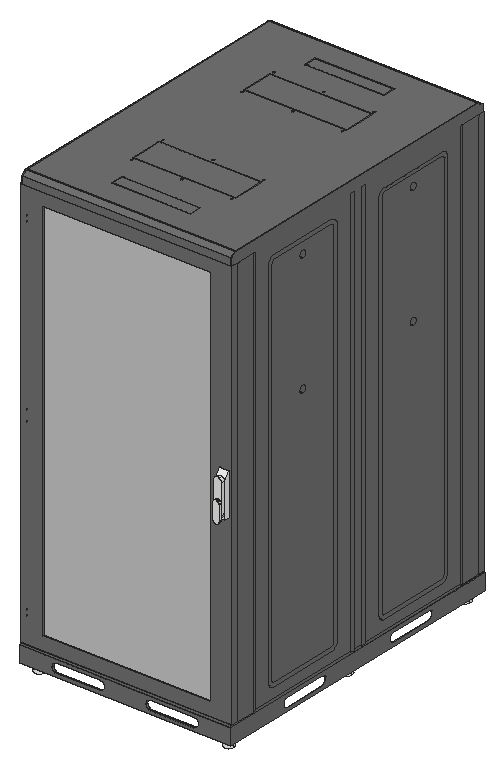
Revit family "800х1200", category Обобщенные модели, Revit 2019
Family settings
  Может служить основой для арматурных стержней = Нет
  Размер круглого соединителя = Использовать диаметр
  Тип детали = Нормальный
  На основе рабочей плоскости = Нет
  Всегда вертикально = Да
  При загрузке вырезать с полостями = Нет
  Общий = Нет
  Точка расчета площади = Нет
Parameters (values of type "ШТ-НП-С-33U-800-1200-ПП-Ч")
  Смещение от пола [instance] = 500 mm
  Описание = "Шкаф телекоммуникационный напольный серверный 19&quot;. 33U(800x1200) . ШТ-НП-С-33U-800-1200-ПП-Ч передняя перф. задняя перф. черн."
  Ноль = 0 mm  # constant formula
  Не двустворчатая дверь = not(Двустворчатая дверь)  # yes
  Материал крепежей = Металл черный
  Материал колес и ручек = Металл белый
  Материал каркаса = Металл черный
  Двустворчатая дверь = no
  Высота окна [instance] = ADSK_Размер_Высота - 40 mm - 62 mm - 7 mm + Ноль  # 1558 mm
  ADSK_Этаж [instance] = ""
  ADSK_Размер_Ширина [instance] = 800 mm  # constant formula
  ADSK_Размер_Глубина [instance] = 1200 mm  # constant formula
  ADSK_Размер_Высота = 1667 mm
  ADSK_Примечание [instance] = ""
  ADSK_Предел огнестойкости = ""
  ADSK_Позиция [instance] = ""
  ADSK_Обозначение = ""
  ADSK_Наименование краткое = "ШТ-НП-С-33U-800-1200-ПП-Ч"
  ADSK_Наименование = "Шкаф телекоммуникационный напольный серверный 19&quot;. 33U(800x1200) . ШТ-НП-С-33U-800-1200-ПП-Ч передняя перф. задняя перф. черн."
  ADSK_Масса_Текст = "122.0"
  ADSK_Марка [instance] = "ШТ-НП-С-33U-800-1200-ПП-Ч"
  ADSK_Количество [instance] = 1  # constant formula
  ADSK_Код изделия = "130411-01382"
  ADSK_Зона = ""
  ADSK_Завод-изготовитель = "АО СВЯЗЬСТРОЙДЕТАЛЬ"  # constant formula
  ADSK_Единица измерения = "шт"  # constant formula
  ADSK_URL страницы изделия = "https://www.ssd.ru/shkaf-telekommunikatsionnyy-napolnyy-servernyy-19-quot-33u-800x1200-sht-np-s-33u-800-1200-pp-ch-pere"
  ADSK_URL документации изделия = ""
Reference planes
  plane 1 "тттт": y = 0
  plane 2: z = 0
  plane 3 "УУУУ": x = 0
  plane 4: y = 600
  plane 5: y = -600
  plane 6: x = -400
  plane 7: x = 400
  plane 8: z = 500
  plane 9: x = -398
  plane 10: x = -396
  plane 11: x = 398
  plane 12: x = 396
  plane 13: z = 530
  plane 14: z = 592
  plane 15: z = 599
  plane 16: z = 2157
  plane 17: z = 2197
  plane 18: x = -360
  plane 19: y = -560
  plane 20: x = 360
  plane 21: y = -560
  plane 22: x = -360
  plane 23: y = 560
  plane 24: x = 360
  plane 25: y = 560
  plane 26: z = 520
  plane 27: z = 510
  plane 28: y = -555
  plane 29: y = 555
  plane 30: y = 575
  plane 31: y = -575
  plane 32: z = 2195
  plane 33: y = 575
  plane 34: z = 2127
  plane 35: z = 629
  plane 36: y = -545
  plane 37: y = 545
  plane 38: z = 1378
  plane 39: y = -595
  plane 40: y = 595
  plane 41: z = 2183
Forms (mm)
  Extrusion 1, void, not visible, detail levels fine
    sketch origin (-20, 0, 0) x (1, 0, 0) y (0, 0, 1)
      loop
        arc (-281.999, 290) -> (-261.999, 270) -> (-241.999, 290) r 20
        line (-241.999, 290) -> (-241.999, 370)
        arc (-241.999, 370) -> (-261.999, 390) -> (-281.999, 370) r 20
        line (-281.999, 370) -> (-281.999, 290)
    from 90 to 190
  Extrusion 2, void, not visible
    sketch origin (-20, 0, 225) x (1, 0, 0) y (0, 0, 1)
      loop
        circle (-261.999, 215) r 6.5
    from 90 to 190
  Extrusion 3, void, not visible, detail levels fine
    sketch origin (20, 0, 0) x (-1, 0, 0) y (0, 0, -1)
      loop
        line (-281.999, -290) -> (-281.999, -370)
        arc (-281.999, -370) -> (-261.999, -390) -> (-241.999, -370) r 20
        line (-241.999, -370) -> (-241.999, -290)
        arc (-241.999, -290) -> (-261.999, -270) -> (-281.999, -290) r 20
    from 90 to 190
  Extrusion 4, void, not visible
    sketch origin (20, 0, 225) x (-1, 0, 0) y (0, 0, -1)
      loop
        circle (-261.999, -215) r 6.5
    from 90 to 190
  Extrusion 5, void, not visible
    sketch origin (0, 0, 220) x (0, 1, 0) y (0, 0, 1)
      loop
        circle (-102, 220) r 3.036
      loop
        circle (-172.959, 220) r 3.036
      loop
        circle (-122, 237) r 3.036
      loop
        circle (-157.959, 237) r 3.036
      loop
        circle (-121.964, 203) r 3.036
      loop
        circle (-158.036, 203) r 3.036
      loop
        arc (-162.48, 75) -> (-137.48, 50) -> (-112.48, 75) r 25
        line (-112.48, 75) -> (-112.48, 145)
        arc (-112.48, 145) -> (-137.48, 170) -> (-162.48, 145) r 25
        line (-162.48, 145) -> (-162.48, 75)
    from -312 to 312
  Extrusion 6, solid, material "Металл черный" <- "Материал каркаса", detail levels medium+fine
    sketch origin (0, 0, 0) x (1, 0, 0) y (0, 0, 1)
      loop
        line (-398, 592) -> (-398, 530) -> (398, 530) -> (398, 592) -> (-398, 592)
      loop
        arc (-278, 561) -> (-272.728, 548.272) -> (-260, 543) r 18
        line (-260, 543) -> (-96, 543)
        arc (-96, 543) -> (-83.272, 548.272) -> (-78, 561) r 18
        arc (-78, 561) -> (-83.272, 573.728) -> (-96, 579) r 18
        line (-96, 579) -> (-260, 579)
        arc (-260, 579) -> (-272.728, 573.728) -> (-278, 561) r 18
      loop
        arc (278, 561) -> (272.728, 573.728) -> (260, 579) r 18
        line (260, 579) -> (96, 579)
        arc (96, 579) -> (83.272, 573.728) -> (78, 561) r 18
        arc (78, 561) -> (83.272, 548.272) -> (96, 543) r 18
        line (96, 543) -> (260, 543)
        arc (260, 543) -> (272.728, 548.272) -> (278, 561) r 18
    from 595 to 600
  Extrusion 7, solid, material "Металл черный" <- "Материал каркаса", detail levels medium+fine
    sketch origin (0, 0, 0) x (1, 0, 0) y (0, 0, 1)
      loop
        line (-398, 592) -> (-398, 530) -> (398, 530) -> (398, 592) -> (-398, 592)
      loop
        arc (-277, 561) -> (-271.728, 548.272) -> (-259, 543) r 18
        line (-259, 543) -> (-95, 543)
        arc (-95, 543) -> (-82.272, 548.272) -> (-77, 561) r 18
        arc (-77, 561) -> (-82.272, 573.728) -> (-95, 579) r 18
        line (-95, 579) -> (-259, 579)
        arc (-259, 579) -> (-271.728, 573.728) -> (-277, 561) r 18
      loop
        arc (277, 561) -> (271.728, 573.728) -> (259, 579) r 18
        line (259, 579) -> (95, 579)
        arc (95, 579) -> (82.272, 573.728) -> (77, 561) r 18
        arc (77, 561) -> (82.272, 548.272) -> (95, 543) r 18
        line (95, 543) -> (259, 543)
        arc (259, 543) -> (271.728, 548.272) -> (277, 561) r 18
    from -600 to -595
  Extrusion 8, solid, material "Металл черный" <- "Материал каркаса", detail levels medium+fine
    sketch origin (0, 0, 0) x (0, 1, 0) y (0, 0, 1)
      loop
        line (-600, 592) -> (-600, 530) -> (600, 530) -> (600, 592) -> (-600, 592)
      loop
        arc (-352, 561) -> (-346.728, 548.272) -> (-334, 543) r 18
        line (-334, 543) -> (-170, 543)
        arc (-170, 543) -> (-157.272, 548.272) -> (-152, 561) r 18
        arc (-152, 561) -> (-157.272, 573.728) -> (-170, 579) r 18
        line (-170, 579) -> (-334, 579)
        arc (-334, 579) -> (-346.728, 573.728) -> (-352, 561) r 18
      loop
        arc (352, 561) -> (346.728, 573.728) -> (334, 579) r 18
        line (334, 579) -> (170, 579)
        arc (170, 579) -> (157.272, 573.728) -> (152, 561) r 18
        arc (152, 561) -> (157.272, 548.272) -> (170, 543) r 18
        line (170, 543) -> (334, 543)
        arc (334, 543) -> (346.728, 548.272) -> (352, 561) r 18
    from 398 to 400
  Extrusion 9, solid, material "Металл черный" <- "Материал каркаса", detail levels medium+fine
    sketch origin (0, 0, 0) x (0, 1, 0) y (0, 0, 1)
      loop
        line (-600, 592) -> (-600, 530) -> (600, 530) -> (600, 592) -> (-600, 592)
      loop
        arc (-352, 561) -> (-346.728, 548.272) -> (-334, 543) r 18
        line (-334, 543) -> (-170, 543)
        arc (-170, 543) -> (-157.272, 548.272) -> (-152, 561) r 18
        arc (-152, 561) -> (-157.272, 573.728) -> (-170, 579) r 18
        line (-170, 579) -> (-334, 579)
        arc (-334, 579) -> (-346.728, 573.728) -> (-352, 561) r 18
      loop
        arc (352, 561) -> (346.728, 573.728) -> (334, 579) r 18
        line (334, 579) -> (170, 579)
        arc (170, 579) -> (157.272, 573.728) -> (152, 561) r 18
        arc (152, 561) -> (157.272, 548.272) -> (170, 543) r 18
        line (170, 543) -> (334, 543)
        arc (334, 543) -> (346.728, 548.272) -> (352, 561) r 18
    from -400 to -398
  Extrusion 10, solid, material "Металл черный" <- "Материал каркаса", detail levels medium+fine
    sketch origin (0, 0, 0) x (1, 0, 0) y (0, 1, 0)
      loop
        line (-398, 600) -> (-398, -600) -> (398, -600) -> (398, 600) -> (-398, 600)
    from 592 to 599
  Extrusion 11, solid, material "Металл черный" <- "Материал каркаса", detail levels medium+fine
    sketch origin (0, 0, 0) x (0, 1, 0) y (0, 0, 1)
      loop
        line (-575, 599) -> (575, 599) -> (575, 2157) -> (595, 2157) -> (595, 2183) -> (575, 2197) -> (-575, 2197) -> (-595, 2183) -> (-595, 2157) -> (-575, 2157) -> (-575, 599)
    from 396 to 398
  Extrusion 12, solid, material "Металл черный" <- "Материал каркаса", detail levels medium+fine
    sketch origin (0, 0, 0) x (0, 1, 0) y (0, 0, 1)
      loop
        line (575, 599) -> (575, 2157) -> (595, 2157) -> (595, 2183) -> (575, 2197) -> (-575, 2197) -> (-595, 2183) -> (-595, 2157) -> (-575, 2157) -> (-575, 599) -> (575, 599)
    from -398 to -396
  Extrusion 13, solid, material "Металл черный" <- "Материал каркаса", detail levels fine
    sketch origin (0, 0, 0) x (0, 1, 0) y (0, 0, 1)
      loop
        line (575, 2157) -> (499, 2157) -> (499, 2152) -> (494.5, 2152) -> (494.5, 604) -> (499, 604) -> (499, 599) -> (575, 599) -> (575, 2157)
      loop
        line (490, 2157) -> (490, 599) -> (493, 599) -> (493, 2157) -> (490, 2157)
      loop
        arc (423, 2081) -> (415.385, 2099.385) -> (397, 2107) r 26
        line (397, 2107) -> (126, 2107)
        arc (126, 2107) -> (107.615, 2099.385) -> (100, 2081) r 26
        line (100, 2081) -> (100, 668)
        arc (100, 668) -> (107.615, 649.615) -> (126, 642) r 26
        line (126, 642) -> (397, 642)
        arc (397, 642) -> (415.385, 649.615) -> (423, 668) r 26
        line (423, 668) -> (423, 2081)
      loop
        arc (410, 2081) -> (406.192, 2090.192) -> (397, 2094) r 13
        line (397, 2094) -> (126, 2094)
        arc (126, 2094) -> (116.808, 2090.192) -> (113, 2081) r 13
        line (113, 2081) -> (113, 668)
        arc (113, 668) -> (116.808, 658.808) -> (126, 655) r 13
        line (126, 655) -> (397, 655)
        arc (397, 655) -> (406.192, 658.808) -> (410, 668) r 13
        line (410, 668) -> (410, 2081)
      loop
        circle (261.5, 2051) r 12
      loop
        line (20, 2157) -> (20, 599) -> (33, 599) -> (33, 2157) -> (20, 2157)
      loop
        line (-575, 2157) -> (-575, 599) -> (-499, 599) -> (-499, 604) -> (-494.5, 604) -> (-494.5, 2152) -> (-499, 2152) -> (-499, 2157) -> (-575, 2157)
      loop
        line (-490, 2157) -> (-493, 2157) -> (-493, 599) -> (-490, 599) -> (-490, 2157)
      loop
        line (-423, 2081) -> (-423, 668)
        arc (-423, 668) -> (-415.385, 649.615) -> (-397, 642) r 26
        line (-397, 642) -> (-126, 642)
        arc (-126, 642) -> (-107.615, 649.615) -> (-100, 668) r 26
        line (-100, 668) -> (-100, 2081)
        arc (-100, 2081) -> (-107.615, 2099.385) -> (-126, 2107) r 26
        line (-126, 2107) -> (-397, 2107)
        arc (-397, 2107) -> (-415.385, 2099.385) -> (-423, 2081) r 26
      loop
        line (-410, 2081) -> (-410, 668)
        arc (-410, 668) -> (-406.192, 658.808) -> (-397, 655) r 13
        line (-397, 655) -> (-126, 655)
        arc (-126, 655) -> (-116.808, 658.808) -> (-113, 668) r 13
        line (-113, 668) -> (-113, 2081)
        arc (-113, 2081) -> (-116.808, 2090.192) -> (-126, 2094) r 13
        line (-126, 2094) -> (-397, 2094)
        arc (-397, 2094) -> (-406.192, 2090.192) -> (-410, 2081) r 13
      loop
        circle (-261.5, 2051) r 12
      loop
        line (-20, 2157) -> (-33, 2157) -> (-33, 599) -> (-20, 599) -> (-20, 2157)
      loop
        circle (-261.5, 1592.5) r 12
      loop
        circle (261.5, 1592.5) r 12
    from 398 to 400
  Extrusion 14, solid, material "Металл черный" <- "Материал каркаса", detail levels fine
    sketch origin (0, 0, 0) x (0, 1, 0) y (0, 0, 1)
      loop
        line (575, 2157) -> (499, 2157) -> (499, 2152) -> (494.5, 2152) -> (494.5, 604) -> (499, 604) -> (499, 599) -> (575, 599) -> (575, 2157)
      loop
        line (490, 2157) -> (490, 599) -> (493, 599) -> (493, 2157) -> (490, 2157)
      loop
        arc (423, 2081) -> (415.385, 2099.385) -> (397, 2107) r 26
        line (397, 2107) -> (126, 2107)
        arc (126, 2107) -> (107.615, 2099.385) -> (100, 2081) r 26
        line (100, 2081) -> (100, 668)
        arc (100, 668) -> (107.615, 649.615) -> (126, 642) r 26
        line (126, 642) -> (397, 642)
        arc (397, 642) -> (415.385, 649.615) -> (423, 668) r 26
        line (423, 668) -> (423, 2081)
      loop
        arc (410, 2081) -> (406.192, 2090.192) -> (397, 2094) r 13
        line (397, 2094) -> (126, 2094)
        arc (126, 2094) -> (116.808, 2090.192) -> (113, 2081) r 13
        line (113, 2081) -> (113, 668)
        arc (113, 668) -> (116.808, 658.808) -> (126, 655) r 13
        line (126, 655) -> (397, 655)
        arc (397, 655) -> (406.192, 658.808) -> (410, 668) r 13
        line (410, 668) -> (410, 2081)
      loop
        circle (261.5, 2051) r 12
      loop
        line (20, 2157) -> (20, 599) -> (33, 599) -> (33, 2157) -> (20, 2157)
      loop
        line (-575, 2157) -> (-575, 599) -> (-499, 599) -> (-499, 604) -> (-494.5, 604) -> (-494.5, 2152) -> (-499, 2152) -> (-499, 2157) -> (-575, 2157)
      loop
        line (-490, 2157) -> (-493, 2157) -> (-493, 599) -> (-490, 599) -> (-490, 2157)
      loop
        line (-423, 2081) -> (-423, 668)
        arc (-423, 668) -> (-415.385, 649.615) -> (-397, 642) r 26
        line (-397, 642) -> (-126, 642)
        arc (-126, 642) -> (-107.615, 649.615) -> (-100, 668) r 26
        line (-100, 668) -> (-100, 2081)
        arc (-100, 2081) -> (-107.615, 2099.385) -> (-126, 2107) r 26
        line (-126, 2107) -> (-397, 2107)
        arc (-397, 2107) -> (-415.385, 2099.385) -> (-423, 2081) r 26
      loop
        line (-410, 2081) -> (-410, 668)
        arc (-410, 668) -> (-406.192, 658.808) -> (-397, 655) r 13
        line (-397, 655) -> (-126, 655)
        arc (-126, 655) -> (-116.808, 658.808) -> (-113, 668) r 13
        line (-113, 668) -> (-113, 2081)
        arc (-113, 2081) -> (-116.808, 2090.192) -> (-126, 2094) r 13
        line (-126, 2094) -> (-397, 2094)
        arc (-397, 2094) -> (-406.192, 2090.192) -> (-410, 2081) r 13
      loop
        circle (-261.5, 2051) r 12
      loop
        line (-20, 2157) -> (-33, 2157) -> (-33, 599) -> (-20, 599) -> (-20, 2157)
      loop
        circle (261.5, 1592.5) r 12
      loop
        circle (-261.5, 1592.5) r 12
    from -400 to -398
  Extrusion 15, solid, material "Металл черный" <- "Материал каркаса", detail levels medium+fine
    sketch origin (0, 0, 0) x (1, 0, 0) y (0, 1, 0)
      loop
        line (-396, 575) -> (-396, -575) -> (396, -575) -> (396, 575) -> (-396, 575)
      loop
        line (-148.16, 483.535) -> (-148.16, 433.535) -> (151.84, 433.535) -> (151.84, 483.535) -> (-148.16, 483.535)
      loop
        line (149.84, 480) -> (-146.16, 480) -> (-146.16, 435.535) -> (149.84, 435.535) -> (149.84, 480)
      loop
        line (-193.16, 325.5) -> (-193.16, 200.5) -> (196.84, 200.5) -> (196.84, 325.5) -> (-193.16, 325.5)
      loop
        line (194.84, 202.5) -> (194.84, 323.5) -> (-191.16, 323.5) -> (-191.16, 202.5) -> (194.84, 202.5)
      loop
        line (-193.16, -199.5) -> (-193.16, -324.5) -> (196.84, -324.5) -> (196.84, -199.5) -> (-193.16, -199.5)
      loop
        line (194.84, -322.5) -> (194.84, -201.5) -> (-191.16, -201.5) -> (-191.16, -322.5) -> (194.84, -322.5)
      loop
        line (-148.16, -432.535) -> (-148.16, -482.535) -> (151.84, -482.535) -> (151.84, -432.535) -> (-148.16, -432.535)
      loop
        line (149.84, -434.535) -> (-146.16, -434.535) -> (-146.16, -480) -> (149.84, -480) -> (149.84, -434.535)
      loop
        circle (-188.16, -337) r 3.25
      loop
        circle (1.84, -337) r 3.25
      loop
        circle (191.84, -337) r 3.25
      loop
        circle (191.84, -187) r 3.25
      loop
        circle (1.84, -187) r 3.25
      loop
        circle (-188.16, -187) r 3.25
      loop
        circle (-188.16, 188) r 3.25
      loop
        circle (1.84, 188) r 3.25
      loop
        circle (191.84, 188) r 3.25
      loop
        circle (191.84, 338) r 3.25
      loop
        circle (1.84, 338) r 3.25
      loop
        circle (-188.16, 338) r 3.25
    from 2195 to 2197
  Extrusion 16, solid, material "Металл черный" <- "Материал крепежей", detail levels fine
    sketch origin (0, 0, 0) x (1, 0, 0) y (0, 1, 0)
      loop
        line (-360, 545) -> (-360, 530) -> (-357, 530) -> (-357, 542) -> (-345, 542) -> (-345, 545) -> (-360, 545)
      loop
        line (360, 545) -> (345, 545) -> (345, 542) -> (357, 542) -> (357, 530) -> (360, 530) -> (360, 545)
      loop
        line (-360, -545) -> (-345, -545) -> (-345, -542) -> (-357, -542) -> (-357, -530) -> (-360, -530) -> (-360, -545)
      loop
        line (360, -545) -> (360, -530) -> (357, -530) -> (357, -542) -> (345, -542) -> (345, -545) -> (360, -545)
      loop
        line (-360, 15) -> (-360, 0) -> (-360, -15) -> (-345, -15) -> (-345, -12) -> (-357, -12) -> (-357, 0) -> (-357, 12) -> (-345, 12) -> (-345, 15) -> (-360, 15)
      loop
        line (360, 15) -> (345, 15) -> (345, 12) -> (357, 12) -> (357, 0) -> (357, -12) -> (345, -12) -> (345, -15) -> (360, -15) -> (360, 0) -> (360, 15)
    from 599 to 2157
  Extrusion 17, solid, material "Металл черный" <- "Материал крепежей", detail levels fine
    sketch origin (0, 0, 0) x (1, 0, 0) y (0, 0, 1)
      loop
        line (-360, 654) -> (-370, 654) -> (-370, 664) -> (-380, 664) -> (-380, 661) -> (-373, 661) -> (-373, 651) -> (-362.989, 651) -> (-362.989, 642) -> (-373, 642) -> (-373, 632) -> (-380, 632) -> (-380, 629) -> (-370, 629) -> (-370, 639) -> (-360, 639) -> (-360, 654)
      loop
        line (360, 654) -> (360, 639) -> (370, 639) -> (370, 629) -> (380, 629) -> (380, 632) -> (373, 632) -> (373, 642) -> (362.989, 642) -> (362.989, 651) -> (373, 651) -> (373, 661) -> (380, 661) -> (380, 664) -> (370, 664) -> (370, 654) -> (360, 654)
      loop
        line (-360, 2117) -> (-370, 2117) -> (-370, 2127) -> (-380, 2127) -> (-380, 2124) -> (-373, 2124) -> (-373, 2114) -> (-362.989, 2114) -> (-362.989, 2105) -> (-373, 2105) -> (-373, 2095) -> (-380, 2095) -> (-380, 2092) -> (-370, 2092) -> (-370, 2102) -> (-360, 2102) -> (-360, 2117)
      loop
        line (360, 2117) -> (360, 2102) -> (370, 2102) -> (370, 2092) -> (380, 2092) -> (380, 2095) -> (373, 2095) -> (373, 2105) -> (362.989, 2105) -> (362.989, 2114) -> (373, 2114) -> (373, 2124) -> (380, 2124) -> (380, 2127) -> (370, 2127) -> (370, 2117) -> (360, 2117)
      loop
        line (-360, 1403) -> (-370, 1403) -> (-370, 1413) -> (-380, 1413) -> (-380, 1410) -> (-373, 1410) -> (-373, 1400) -> (-362.989, 1400) -> (-362.989, 1391) -> (-373, 1391) -> (-373, 1381) -> (-380, 1381) -> (-380, 1378) -> (-370, 1378) -> (-370, 1388) -> (-360, 1388) -> (-360, 1403)
      loop
        line (360, 1403) -> (360, 1388) -> (370, 1388) -> (370, 1378) -> (380, 1378) -> (380, 1381) -> (373, 1381) -> (373, 1391) -> (362.989, 1391) -> (362.989, 1400) -> (373, 1400) -> (373, 1410) -> (380, 1410) -> (380, 1413) -> (370, 1413) -> (370, 1403) -> (360, 1403)
    from -575 to 560
  Extrusion 18, solid, material "Металл черный" <- "Материал каркаса", detail levels medium+fine
    sketch origin (0, 0, 0) x (0, 1, 0) y (0, 0, 1)
      loop
        line (575, 2197) -> (575, 2157) -> (595, 2157) -> (595, 2183) -> (575, 2197)
      loop
        line (-595, 2157) -> (-575, 2157) -> (-575, 2197) -> (-595, 2183) -> (-595, 2157)
    from -396 to 396
  Extrusion 19, solid, material "Металл черный" <- "Материал каркаса", detail levels coarse
    sketch origin (0, 0, 0) x (1, 0, 0) y (0, 1, 0)
      loop
        line (-400, 600) -> (-400, -600) -> (400, -600) -> (400, 600) -> (-400, 600)
    from 500 to 2197
Cuts and joins
  joined: Extrusion 11, Extrusion 12
  joined: Extrusion 6, Extrusion 7, Extrusion 8, Extrusion 9
Dimensions and locks
  equal spacing: plane 5, plane 1 "тттт", plane 4
  "ADSK_Размер_Глубина": plane 5 to plane 4
  equal spacing: plane 6, plane 3 "УУУУ", plane 7
  "ADSK_Размер_Ширина": plane 6 to plane 7
  "Смещение от пола": plane 8 to plane 2
  locked: plane 6 to plane 9 at 2
  locked: plane 9 to plane 10 at 2
  locked: plane 11 to plane 7 at 2
  locked: plane 12 to plane 11 at 2
  locked: plane 13 to plane 8 at 30
  locked: plane 14 to plane 13 at 62
  locked: plane 15 to plane 14 at 7
  "Высота окна": plane 16 to plane 15
  locked: plane 17 to plane 16 at 40
  locked: plane 19 to plane 5 at 40
  locked: plane 6 to plane 18 at 40
  locked: plane 20 to plane 7 at 40
  locked: plane 21 to plane 5 at 40
  locked: plane 6 to plane 22 at 40
  locked: plane 23 to plane 4 at 40
  locked: plane 24 to plane 7 at 40
  locked: plane 25 to plane 4 at 40
  locked: plane 13 to plane 26 at 10
  locked: plane 26 to plane 27 at 10
  locked: plane 5 to plane 28 at 45
  locked: plane 29 to plane 4 at 45
  locked: plane 4 to plane 30 at 25
  locked: plane 31 to plane 5 at 25
  locked: plane 32 to plane 17 at 2
  locked: Extrusion 14 sketch curve to plane 16 at 50
  locked: plane 15 to Extrusion 14 sketch curve at 43  (x2)
  locked: Extrusion 14 sketch curve to Extrusion 14 sketch curve at 13  (x8)
  locked: plane 16 to Extrusion 14 sketch curve at 50
  locked: cut or joined group of Extrusion 11, Extrusion 12 to Extrusion 14 sketch curve at 80.5
  locked: Extrusion 14 sketch curve to Extrusion 14 sketch curve at 4.5  (x2)
  locked: Extrusion 14 sketch curve to cut or joined group of Extrusion 11, Extrusion 12 at 80.5
  locked: Extrusion 14 sketch curve to Extrusion 14 sketch curve at 67  (x4)
  equal spacing: Extrusion 14 sketch curve, plane 1 "тттт", Extrusion 14 sketch curve
  locked: plane 33 to plane 4 at 25
  locked: plane 31 to Extrusion 13 sketch curve at 80.5
  locked: Extrusion 13 sketch curve to Extrusion 13 sketch curve at 4.5  (x2)
  locked: Extrusion 13 sketch curve to Extrusion 13 sketch curve at 67  (x4)
  locked: Extrusion 13 sketch curve to Extrusion 13 sketch curve at 13  (x6)
  locked: Extrusion 13 sketch curve to plane 1 "тттт" at 20
  locked: plane 1 "тттт" to Extrusion 13 sketch curve at 20
  locked: Extrusion 13 sketch curve to plane 33 at 80.5
  locked: Extrusion 6 sketch curve to Extrusion 6 sketch curve at 200  (x2)
  equal spacing: Extrusion 6 sketch curve, plane 3 "УУУУ", Extrusion 6 sketch curve
  locked: Extrusion 7 sketch curve to Extrusion 7 sketch curve at 200  (x2)
  equal spacing: Extrusion 7 sketch curve, plane 3 "УУУУ", Extrusion 7 sketch curve
  locked: plane 16 to plane 34 at 30
  locked: plane 35 to plane 15 at 30
  locked: plane 5 to plane 36 at 55
  locked: plane 4 to plane 37 at 55
  equal spacing: plane 16, plane 38, plane 15
  locked: plane 39 to plane 31 at 20
  locked: plane 40 to plane 4 at 5
  locked: plane 41 to plane 17 at 14
  aligned and locked: level to plane 2
  aligned and locked: nested 2 to plane 18
  aligned and locked: nested 2 to plane 19
  aligned and locked: nested 1 to plane 21
  aligned and locked: nested 1 to plane 20
  aligned and locked: plane 1 "тттт" to nested 5
  aligned and locked: plane 1 "тттт" to nested 6
  aligned and locked: plane 25 to nested 4
  aligned and locked: nested 6 to plane 18
  aligned and locked: plane 20 to nested 5
  aligned and locked: plane 24 to nested 4
  aligned and locked: plane 13 to nested 2
  aligned and locked: plane 13 to nested 1
  aligned and locked: plane 13 to nested 6
  aligned and locked: plane 13 to nested 5
  aligned and locked: plane 13 to nested 3
  aligned and locked: plane 13 to nested 4
  aligned and locked: plane 14 to Extrusion 6 sketch curve
  aligned and locked: Extrusion 6 sketch curve to plane 13
  aligned and locked: Extrusion 6 sketch curve to plane 11
  aligned and locked: plane 9 to Extrusion 6 sketch curve
  aligned and locked: plane 14 to Extrusion 7 sketch curve
  aligned and locked: Extrusion 7 sketch curve to plane 13
  aligned and locked: Extrusion 8 sketch curve to Extrusion 6  (x2)
  aligned and locked: Extrusion 8 sketch curve to Extrusion 7
  aligned and locked: plane 7 to Extrusion 8
  aligned and locked: Extrusion 8 to plane 11
  aligned and locked: Extrusion 9 to plane 6
  aligned and locked: plane 9 to Extrusion 9
  aligned and locked: plane 14 to Extrusion 9 sketch curve
  aligned and locked: Extrusion 9 sketch curve to plane 5
  aligned and locked: Extrusion 9 sketch curve to plane 13
  aligned and locked: Extrusion 10 sketch curve to plane 5
  aligned and locked: Extrusion 8 to Extrusion 10 sketch curve
  aligned and locked: plane 9 to Extrusion 10 sketch curve
  aligned and locked: Extrusion 10 to plane 15
  aligned and locked: plane 14 to Extrusion 10
  aligned and locked: plane 15 to Extrusion 11 sketch curve
  aligned and locked: plane 11 to Extrusion 11
  aligned and locked: Extrusion 11 to plane 12
  aligned and locked: Extrusion 12 sketch curve to plane 15
  aligned and locked: plane 30 to Extrusion 12 sketch curve
  aligned and locked: Extrusion 12 sketch curve to plane 31
  aligned and locked: Extrusion 12 to plane 9
  aligned and locked: plane 10 to Extrusion 12
  aligned and locked: Extrusion 13 to plane 11
  aligned and locked: plane 7 to Extrusion 13
  aligned and locked: Extrusion 14 to plane 6
  aligned and locked: plane 9 to Extrusion 14
  aligned and locked: plane 10 to Extrusion 15 sketch curve
  aligned and locked: Extrusion 15 sketch curve to plane 12
  aligned and locked: plane 32 to Extrusion 15
  aligned and locked: Extrusion 15 to plane 17
  aligned and locked: plane 16 to Extrusion 14 sketch curve
  aligned and locked: plane 30 to Extrusion 14 sketch curve
  aligned and locked: plane 31 to Extrusion 14 sketch curve
  aligned and locked: Extrusion 13 sketch curve to plane 31
  aligned and locked: Extrusion 13 sketch curve to plane 33
  aligned and locked: plane 15 to Extrusion 13 sketch curve  (x2)
  aligned and locked: Extrusion 13 sketch curve to plane 16
  aligned and locked: plane 16 to Extrusion 13 sketch curve
  aligned and locked: plane 22 to Extrusion 16 sketch curve
  aligned and locked: Extrusion 16 sketch curve to plane 37
  aligned and locked: plane 37 to Extrusion 16 sketch curve
  aligned and locked: Extrusion 16 sketch curve to plane 24
  aligned and locked: Extrusion 16 sketch curve to plane 18  (x2)
  aligned and locked: Extrusion 16 sketch curve to plane 36
  aligned and locked: plane 36 to Extrusion 16 sketch curve
  aligned and locked: plane 20 to Extrusion 16 sketch curve  (x2)
  aligned and locked: Extrusion 16 to plane 16
  aligned and locked: plane 15 to Extrusion 16
  aligned and locked: plane 35 to Extrusion 17 sketch curve  (x2)
  aligned and locked: plane 38 to Extrusion 17 sketch curve  (x2)
  aligned and locked: plane 34 to Extrusion 17 sketch curve  (x2)
  aligned and locked: Extrusion 17 to plane 30
  aligned and locked: Extrusion 17 to plane 19
  aligned and locked: nested 3 to plane 22
  aligned and locked: plane 23 to nested 3
  aligned and locked: plane 16 to nested 7
  aligned and locked: plane 15 to nested 7
  aligned and locked: nested 7 to plane 6
  aligned and locked: plane 7 to nested 7
  aligned and locked: plane 16 to nested 8
  aligned and locked: plane 15 to nested 8
  aligned and locked: plane 7 to nested 8
  aligned and locked: nested 8 to plane 6
  aligned and locked: nested 8 to plane 33
  aligned and locked: Extrusion 12 sketch curve to plane 17
  aligned and locked: plane 31 to Extrusion 11 sketch curve
  aligned and locked: Extrusion 11 sketch curve to plane 33
  aligned and locked: Extrusion 11 sketch curve to Extrusion 13
  aligned and locked: cut or joined group of Extrusion 11, Extrusion 12 to plane 17
  aligned and locked: plane 16 to cut or joined group of Extrusion 11, Extrusion 12  (x2)
  aligned and locked: Extrusion 11 sketch curve to plane 39
  aligned and locked: Extrusion 11 sketch curve to plane 17
  aligned and locked: plane 41 to Extrusion 11 sketch curve  (x2)
  aligned and locked: plane 17 to Extrusion 11 sketch curve
  aligned and locked: Extrusion 12 sketch curve to plane 16
  aligned and locked: plane 16 to Extrusion 12 sketch curve
  aligned and locked: Extrusion 12 sketch curve to plane 39
  aligned and locked: Extrusion 12 sketch curve to plane 40
  aligned and locked: plane 40 to Extrusion 12 sketch curve
  aligned and locked: plane 17 to Extrusion 12 sketch curve
  aligned and locked: plane 41 to Extrusion 12 sketch curve
  aligned and locked: plane 4 to Extrusion 8 sketch curve
  aligned and locked: plane 4 to Extrusion 10 sketch curve
  aligned and locked: plane 4 to Extrusion 9 sketch curve
  aligned and locked: Extrusion 6 to nested 7
  aligned and locked: plane 11 to Extrusion 7 sketch curve
  aligned and locked: Extrusion 7 sketch curve to plane 9
  aligned and locked: plane 40 to Extrusion 7
  aligned and locked: Extrusion 7 to plane 4
  aligned and locked: Extrusion 6 to plane 39
  aligned and locked: plane 5 to Extrusion 6
  aligned and locked: plane 30 to Extrusion 15 sketch curve
  aligned and locked: Extrusion 15 sketch curve to plane 31
  aligned and locked: Extrusion 18 sketch curve to plane 16  (x2)
  aligned and locked: plane 40 to Extrusion 18 sketch curve
  aligned and locked: plane 41 to Extrusion 18 sketch curve
  aligned and locked: plane 33 to Extrusion 18 sketch curve
  aligned and locked: plane 39 to Extrusion 18 sketch curve
  aligned and locked: plane 31 to Extrusion 18 sketch curve
  aligned and locked: plane 12 to Extrusion 18
  aligned and locked: Extrusion 18 to plane 10
  aligned and locked: nested 9 to plane 16
  aligned and locked: nested 9 to plane 15
  aligned and locked: plane 6 to nested 9
  aligned and locked: nested 9 to plane 7
  aligned and locked: plane 33 to nested 9
  aligned and locked: nested 10 to plane 17
  aligned and locked: plane 13 to nested 10
  aligned and locked: plane 7 to nested 10
  aligned and locked: plane 6 to nested 10
  aligned and locked: nested 11 to plane 17
  aligned and locked: plane 13 to nested 11
  aligned and locked: nested 11 to plane 4
  aligned and locked: nested 11 to plane 5
  aligned and locked: nested 12 to plane 4
  aligned and locked: plane 5 to nested 12
  aligned and locked: plane 6 to nested 12
  aligned and locked: plane 7 to nested 12
  aligned and locked: Extrusion 19 sketch curve to nested 12  (x4)
  aligned and locked: Extrusion 19 to plane 17
  aligned and locked: plane 8 to Extrusion 19
Automatic sketch dimensions
  Extrusion 5 sketch curve to Extrusion 5 sketch curve = 10.48 mm
  Extrusion 5 sketch curve to Extrusion 5 sketch curve = 14.924 mm
  Extrusion 5 sketch curve to Extrusion 5 sketch curve = 15 mm
  Extrusion 5 sketch curve to Extrusion 5 sketch curve = 25 mm
  Extrusion 5 sketch curve to Extrusion 5 sketch curve = 35.959 mm
  Extrusion 5 sketch curve to Extrusion 5 sketch curve = 0.036 mm
  Extrusion 5 sketch curve to Extrusion 5 sketch curve = 19.964 mm
  Extrusion 5 sketch curve to Extrusion 5 sketch curve = 70 mm
  Extrusion 5 sketch curve to Extrusion 5 sketch curve = 58 mm
  Extrusion 5 sketch curve to Extrusion 5 sketch curve = 0 mm
  Extrusion 5 sketch curve to Extrusion 5 sketch curve = 17 mm  (x4)
  Extrusion 1 sketch curve to Extrusion 1 sketch curve = 20 mm
  Extrusion 1 sketch curve to Extrusion 1 sketch curve = 80 mm
  Extrusion 3 sketch curve to Extrusion 3 sketch curve = 20 mm
  Extrusion 3 sketch curve to Extrusion 3 sketch curve = 80 mm
  Extrusion 6 sketch curve to Extrusion 6 sketch curve = 0 mm  (x8)
  Extrusion 6 sketch curve to plane 13 = 13 mm  (x2)
  plane 14 to Extrusion 6 sketch curve = 13 mm
  Extrusion 6 sketch curve to Extrusion 6 sketch curve = 18 mm
  Extrusion 7 sketch curve to Extrusion 7 sketch curve = 0 mm  (x4)
  Extrusion 7 sketch curve to plane 13 = 13 mm  (x2)
  plane 14 to Extrusion 7 sketch curve = 13 mm
  Extrusion 7 sketch curve to Extrusion 7 sketch curve = 18 mm
  Extrusion 6 sketch curve to plane 18 = 100 mm
  Extrusion 7 sketch curve to plane 18 = 101 mm
  plane 1 "тттт" to Extrusion 16 sketch curve = 0 mm  (x4)
  Extrusion 16 sketch curve to plane 18 = 3 mm  (x3)
  Extrusion 16 sketch curve to Extrusion 16 sketch curve = 12 mm  (x7)
  Extrusion 16 sketch curve to plane 20 = 15 mm  (x3)
  plane 36 to Extrusion 16 sketch curve = 3 mm  (x2)
  Extrusion 16 sketch curve to plane 37 = 3 mm  (x2)
  Extrusion 16 sketch curve to Extrusion 16 sketch curve = 15 mm
  Extrusion 16 sketch curve to plane 20 = 3 mm  (x2)
  Extrusion 16 sketch curve to Extrusion 16 sketch curve = 3 mm  (x5)
  plane 1 "тттт" to Extrusion 16 sketch curve = 15 mm  (x2)
  Extrusion 16 sketch curve to plane 1 "тттт" = 12 mm  (x2)
  Extrusion 16 sketch curve to plane 37 = 15 mm
  Extrusion 17 sketch curve to plane 18 = 0 mm
  plane 18 to Extrusion 17 sketch curve = 0 mm  (x2)
  Extrusion 17 sketch curve to plane 20 = 0 mm  (x3)
  plane 18 to Extrusion 17 sketch curve = 2.989 mm  (x3)
  plane 18 to Extrusion 17 sketch curve = 10 mm  (x4)
  Extrusion 17 sketch curve to Extrusion 17 sketch curve = 7.011 mm  (x5)
  Extrusion 17 sketch curve to Extrusion 17 sketch curve = 3 mm  (x35)
  Extrusion 17 sketch curve to Extrusion 17 sketch curve = 7 mm  (x19)
  Extrusion 17 sketch curve to plane 35 = 3 mm
  plane 20 to Extrusion 17 sketch curve = 2.989 mm  (x3)
  plane 20 to Extrusion 17 sketch curve = 10 mm  (x3)
  Extrusion 17 sketch curve to plane 35 = 10 mm
  Extrusion 17 sketch curve to Extrusion 17 sketch curve = 9 mm  (x4)
  Extrusion 17 sketch curve to plane 38 = 10 mm  (x2)
  Extrusion 17 sketch curve to plane 38 = 22 mm  (x2)
  Extrusion 17 sketch curve to Extrusion 17 sketch curve = 10 mm  (x2)
  Extrusion 12 sketch curve to plane 31 = 0 mm
  Extrusion 12 sketch curve to plane 30 = 0 mm
  plane 41 to Extrusion 12 sketch curve = 0 mm
  Extrusion 8 sketch curve to Extrusion 8 sketch curve = 0 mm  (x4)
  Extrusion 8 sketch curve to plane 13 = 31 mm  (x2)
  plane 36 to Extrusion 8 sketch curve = 211 mm
  plane 14 to Extrusion 8 sketch curve = 13 mm
  Extrusion 8 sketch curve to Extrusion 8 sketch curve = 164 mm
  Extrusion 8 sketch curve to plane 1 "тттт" = 170 mm
  Extrusion 8 sketch curve to plane 37 = 211 mm
  Extrusion 8 sketch curve to plane 13 = 13 mm
  plane 41 to Extrusion 18 sketch curve = 0 mm
  plane 17 to Extrusion 18 sketch curve = 0 mm  (x2)
  Extrusion 9 sketch curve to Extrusion 9 sketch curve = 0 mm  (x5)
  Extrusion 9 sketch curve to plane 13 = 31 mm  (x2)
  plane 36 to Extrusion 9 sketch curve = 211 mm
  Extrusion 9 sketch curve to plane 13 = 13 mm  (x2)
  Extrusion 9 sketch curve to Extrusion 9 sketch curve = 164 mm
  Extrusion 9 sketch curve to plane 1 "тттт" = 170 mm
  Extrusion 9 sketch curve to plane 37 = 211 mm
  Extrusion 11 sketch curve to plane 31 = 0 mm
  Extrusion 11 sketch curve to plane 30 = 0 mm
  Extrusion 11 sketch curve to plane 40 = 0 mm
  plane 16 to Extrusion 11 sketch curve = 0 mm
  Extrusion 13 sketch curve to Extrusion 13 sketch curve = 0 mm  (x17)
  plane 15 to Extrusion 13 sketch curve = 0 mm  (x4)
  plane 16 to Extrusion 13 sketch curve = 0 mm  (x4)
  Extrusion 13 sketch curve to Extrusion 13 sketch curve = 4.5 mm  (x3)
  Extrusion 13 sketch curve to Extrusion 13 sketch curve = 3 mm  (x2)
  Extrusion 13 sketch curve to Extrusion 13 sketch curve = 13 mm  (x8)
  plane 1 "тттт" to Extrusion 13 sketch curve = 261.5 mm
  Extrusion 13 sketch curve to Extrusion 13 sketch curve = 135.5 mm  (x2)
  plane 34 to Extrusion 13 sketch curve = 20 mm  (x2)
  Extrusion 13 sketch curve to plane 35 = 13 mm  (x2)
  Extrusion 13 sketch curve to plane 1 "тттт" = 261.5 mm
  Extrusion 13 sketch curve to Extrusion 13 sketch curve = 6 mm
  Extrusion 13 sketch curve to plane 15 = 5 mm  (x2)
  Extrusion 13 sketch curve to plane 38 = 214.5 mm  (x2)
  plane 34 to Extrusion 13 sketch curve = 76 mm  (x2)
  Extrusion 13 sketch curve to Extrusion 13 sketch curve = 5 mm  (x2)
  Extrusion 14 sketch curve to Extrusion 14 sketch curve = 0 mm  (x17)
  plane 15 to Extrusion 14 sketch curve = 0 mm  (x6)
  plane 16 to Extrusion 14 sketch curve = 0 mm  (x5)
  Extrusion 14 sketch curve to Extrusion 14 sketch curve = 4.5 mm  (x2)
  Extrusion 14 sketch curve to Extrusion 14 sketch curve = 3 mm  (x2)
  Extrusion 14 sketch curve to Extrusion 14 sketch curve = 13 mm  (x7)
  Extrusion 14 sketch curve to Extrusion 14 sketch curve = 135.5 mm  (x2)
  plane 1 "тттт" to Extrusion 14 sketch curve = 261.5 mm
  Extrusion 14 sketch curve to plane 35 = 39 mm
  plane 1 "тттт" to Extrusion 14 sketch curve = 126 mm
  Extrusion 14 sketch curve to plane 1 "тттт" = 261.5 mm
  Extrusion 14 sketch curve to Extrusion 14 sketch curve = 6 mm  (x2)
  Extrusion 14 sketch curve to plane 15 = 5 mm  (x2)
  Extrusion 14 sketch curve to plane 38 = 214.5 mm  (x2)
  plane 34 to Extrusion 14 sketch curve = 76 mm  (x2)
  Extrusion 14 sketch curve to Extrusion 14 sketch curve = 5 mm  (x2)
  Extrusion 15 sketch curve to plane 18 = 166.84 mm  (x2)
  Extrusion 15 sketch curve to Extrusion 15 sketch curve = 2 mm  (x14)
  Extrusion 15 sketch curve to Extrusion 15 sketch curve = 45 mm
  Extrusion 15 sketch curve to plane 37 = 61.465 mm
  Extrusion 15 sketch curve to plane 3 "УУУУ" = 148.16 mm
  plane 36 to Extrusion 15 sketch curve = 65 mm
  plane 3 "УУУУ" to Extrusion 15 sketch curve = 149.84 mm  (x2)
  Extrusion 15 sketch curve to plane 20 = 165.16 mm
  Extrusion 15 sketch curve to Extrusion 15 sketch curve = 43 mm
  Extrusion 15 sketch curve to Extrusion 15 sketch curve = 2.535 mm
  Extrusion 15 sketch curve to Extrusion 15 sketch curve = 45.465 mm
  Extrusion 15 sketch curve to Extrusion 15 sketch curve = 108.035 mm
  Extrusion 15 sketch curve to Extrusion 15 sketch curve = 121 mm  (x2)
  Extrusion 15 sketch curve to plane 1 "тттт" = 200.5 mm
  Extrusion 15 sketch curve to Extrusion 15 sketch curve = 50 mm
  Extrusion 15 sketch curve to Extrusion 15 sketch curve = 3.535 mm
  radius of Extrusion 5 sketch curve = 3.036 mm  (x6)
  radius of Extrusion 2 sketch curve = 6.5 mm
  radius of Extrusion 4 sketch curve = 6.5 mm
  radius of Extrusion 13 sketch curve = 12 mm  (x4)
  radius of Extrusion 14 sketch curve = 12 mm  (x4)
Nested families
  nested 1: "Стойка" at (360, -560, 500), type "Стойка", detail levels medium+fine
    with Материал по экземпляру none
  nested 2: "Стойка" at (-360, -560, 500), type "Стойка", detail levels medium+fine
    with Материал по экземпляру none
  nested 3: "Стойка" at (-360, 560, 500), type "Стойка", detail levels medium+fine
    with Материал по экземпляру none
  nested 4: "Стойка" at (360, 560, 500), type "Стойка", detail levels medium+fine
    with Материал по экземпляру none
  nested 5: "Стойка" at (360, 0, 500), type "Стойка", detail levels medium+fine
    with Материал по экземпляру none
  nested 6: "Стойка" at (-360, 0, 500), type "Стойка", detail levels medium+fine
    with Материал по экземпляру none
  nested 7: "Дверь" at (0, -575, 299), ADSK_Размер_Высота <- "Высота окна", ADSK_Размер_Ширина <- "ADSK_Размер_Ширина", Материал каркаса <- "Материал каркаса", Материал ручки <- "Материал колес и ручек", type "Перфарированная дверь", detail levels medium+fine
    with Материал ручки Металл белый, Материал каркаса Металл черный, ADSK_Размер_Ширина 800 mm, ADSK_Размер_Высота 1558 mm
  nested 8: "Дверь" at (0, 575, 299) x (-1, 0, 0) z (0, 0, 1), ADSK_Размер_Высота <- "Высота окна", ADSK_Размер_Ширина <- "ADSK_Размер_Ширина", Материал каркаса <- "Материал каркаса", Материал ручки <- "Материал колес и ручек", visible <- "Не двустворчатая дверь", type "Перфарированная дверь", detail levels medium+fine
    with Материал ручки Металл белый, Материал каркаса Металл черный, ADSK_Размер_Ширина 800 mm, ADSK_Размер_Высота 1558 mm
  nested 9: "Дверь двустворчатая" at (0, 575, 299), Материал каркаса <- "Материал каркаса", Материал ручки <- "Материал колес и ручек", ADSK_Размер_Высота <- "Высота окна", ADSK_Размер_Ширина <- "ADSK_Размер_Ширина", visible <- "Двустворчатая дверь", type "Двустворчатая дверь", detail levels medium+fine
    with Материал ручки Металл белый, Материал каркаса Металл черный, ADSK_Размер_Ширина 800 mm, ADSK_Размер_Высота 1558 mm
  nested 10: "ЭУ_ДВЕРЬ" at (0, 0, 1363.5) x (1, 0, 0) z (0, -1, 0), ADSK_Размер_Высота <- "ADSK_Размер_Высота", ADSK_Размер_Ширина <- "ADSK_Размер_Ширина", type "ЭУ_ДВЕРЬ", detail levels coarse
    with Глубина_Р 160 mm, ADSK_Размер_Ширина 800 mm, ADSK_Размер_Высота 1667 mm
  nested 11: "ЭУ_БОК" at (0, 0, 1363.5) x (0, 1, 0) z (1, 0, 0), ADSK_Размер_Высота <- "ADSK_Размер_Высота", ADSK_Размер_Глубина <- "ADSK_Размер_Глубина", type "ЭУ_БОК", detail levels coarse
    with Глубина_Р 200 mm, ADSK_Размер_Глубина 1200 mm, ADSK_Размер_Высота 1667 mm
  nested 12: "ЭУ_ВВЕРХ" at (0, 0, 0), ADSK_Размер_Глубина <- "ADSK_Размер_Глубина", ADSK_Размер_Ширина <- "ADSK_Размер_Ширина", type "ЭУ_ВВЕРХ", detail levels coarse
    with ADSK_Размер_Ширина 800 mm, ADSK_Размер_Глубина 1200 mm
Definition of nested family "Стойка"
  Parameters (values of type "Стойка")
    Материал по экземпляру [instance] = none
  Reference planes
    plane 1 "N1": y = 0
    plane 2: z = 0
    plane 3 "По центру (Влево/Вправо)": x = 0
    plane 4: z = 10
    plane 5: z = 30
    plane 6: z = 20
    plane 7: y = -15
    plane 8: y = 15
    plane 9: y = 45
    plane 10: y = -45
    plane 11 "N56": x = -20
  Forms (mm)
    Extrusion 1, solid, material <- "Материал по экземпляру"
      sketch origin (0, 0, 0) x (1, 0, 0) y (0, 1, 0)
        loop
          circle (0, 0) r 10
      from 10 to 30
    Extrusion 2, solid, material <- "Материал по экземпляру"
      sketch origin (0, 0, 0) x (1, 0, 0) y (0, 1, 0)
        loop
          line (0.142, 14) -> (-6.929, 14) -> (-14, 6.929) -> (-14, -0.142) -> (-14, -7.213) -> (-7.213, -14) -> (0, -14) -> (7.213, -14) -> (14, -7.213) -> (14, 0) -> (14, 6.929) -> (6.929, 14) -> (0.142, 14)
      from 20 to 30
    Blend 3, solid, material <- "Материал по экземпляру"
      base sketch origin (0, 0, 0) x (1, 0, 0) y (0, 1, 0)
        loop
          circle (0, 0) r 18
      top sketch origin (0, 0, 0) x (1, 0, 0) y (0, 1, 0)
        loop
          circle (0, 0) r 9
      from 0 to 10
  Cuts and joins
    joined: Extrusion 1, Extrusion 2
  Lines and regions (mm)
    symbolic lines
      curve 1: line (0, 0, 70) -> (0, 0, 45)
      curve 2: line (0, 45, 0) -> (0, -45, 0)
      curve 3: line (0, 0, 0) -> (50, 0, 0)
      curve 4: line (0, 0, 0) -> (-50, 0, 0)
  Dimensions and locks
    locked: plane 8 to plane 9 at 30
    locked: plane 10 to plane 7 at 30
    locked: plane 7 to plane 1 "N1" at 15
    locked: plane 1 "N1" to plane 8 at 15
    locked: plane 6 to plane 4 at 10
    locked: plane 5 to plane 6 at 10
    locked: plane 4 to plane 2 at 10
    aligned and locked: level to plane 2
    aligned and locked: plane 6 to Extrusion 2
    aligned and locked: Extrusion 2 to plane 5
    aligned and locked: plane 1 "N1" to curve 3
    aligned and locked: curve 4 to plane 1 "N1"
    aligned and locked: curve 2 to plane 3 "По центру (Влево/Вправо)"
    aligned and locked: plane 4 to Extrusion 1
    aligned and locked: Extrusion 1 to plane 5
    aligned and locked: plane 1 "N1" to Blend 3 sketch curve  (x2)
    aligned and locked: plane 3 "По центру (Влево/Вправо)" to Blend 3 sketch curve  (x2)
    aligned and locked: Blend 3 to plane 4
    aligned and locked: Blend 3 to plane 2
Definition of nested family "Дверь"
  Parameters (values of type "Перфарированная дверь")
    Толщина листа = 15 mm
    Размер правого каркаса = 81 mm
    Размер нижнего каркаса = 50 mm
    Размер левого каркаса = 81 mm
    Размер верхнего каркаса = 50 mm
    Материал стекла/перфорации = none
    Материал ручки [instance] = none
    Материал каркаса [instance] = none
    ADSK_Размер_Ширина [instance] = 600 mm
    ADSK_Размер_Высота [instance] = 865 mm
  Reference planes
    plane 1 "ТТТТТТТТТ": y = 0
    plane 2: z = 0
    plane 3 "По центру (Влево/Вправо)": x = 0
    plane 4: y = -20
    plane 5: z = 300
    plane 6: z = 1165
    plane 7: z = 732.5
    plane 8: z = 400
    plane 9: z = 420
    plane 10: z = 1065
    plane 11: z = 1045
    plane 12: z = 470
    plane 13: z = 995
    plane 14: x = -219
    plane 15: x = 219
    plane 16: x = -300
    plane 17: x = 300
    plane 18: z = 350
    plane 19: z = 1115
    plane 20: x = -278
    plane 21: x = 270
    plane 22: z = 752.5
    plane 23: z = 712.5
    plane 24: y = -15
  Forms (mm)
    Extrusion 1, solid, material <- "Материал каркаса"
      sketch origin (0, 0, 0) x (1, 0, 0) y (0, 0, 1)
        loop
          line (-300, 1165) -> (-300, 300) -> (300, 300) -> (300, 1165) -> (-300, 1165)
        loop
          line (219, 1115) -> (-219, 1115) -> (-219, 350) -> (219, 350) -> (219, 1115)
        loop
          circle (-278, 712.5) r 2.474
        loop
          circle (-278, 752.5) r 2.474
        loop
          circle (-278, 420) r 2.474
        loop
          circle (-278, 400) r 2.474
        loop
          circle (-278, 1045) r 2.474
        loop
          circle (-278, 1065) r 2.474
      from 0 to 20
    Extrusion 2, solid, material <- "Материал стекла/перфорации"
      sketch origin (0, 0, 0) x (1, 0, 0) y (0, 0, 1)
        loop
          line (-219, 1115) -> (-219, 350) -> (219, 350) -> (219, 1115) -> (-219, 1115)
      from 0 to 15
  Dimensions and locks
    locked: plane 4 to plane 1 "ТТТТТТТТТ" at 20
    locked: plane 5 to plane 2 at 300
    "ADSK_Размер_Высота": plane 6 to plane 5
    equal spacing: plane 6, plane 7, plane 5
    locked: plane 12 to plane 5 at 170
    locked: plane 6 to plane 13 at 170
    locked: plane 6 to plane 10 at 100
    locked: plane 8 to plane 5 at 100
    locked: plane 6 to plane 11 at 120
    locked: plane 9 to plane 5 at 120
    equal spacing: plane 16, plane 3 "По центру (Влево/Вправо)", plane 17
    "ADSK_Размер_Ширина": plane 16 to plane 17
    "Размер нижнего каркаса": plane 18 to plane 5
    "Размер верхнего каркаса": plane 6 to plane 19
    "Размер левого каркаса": plane 16 to plane 14
    "Размер правого каркаса": plane 17 to plane 15
    locked: plane 16 to plane 20 at 22
    locked: plane 17 to plane 21 at 30
    plane 22 to plane 7 to plane 23 = 20 mm locked, 20 mm locked
    "Толщина листа": plane 24 to plane 1 "ТТТТТТТТТ"
    aligned and locked: level to plane 2
    aligned and locked: plane 6 to Extrusion 1 sketch curve
    aligned and locked: Extrusion 1 sketch curve to plane 16
    aligned and locked: Extrusion 1 sketch curve to plane 5
    aligned and locked: Extrusion 1 sketch curve to plane 17
    aligned and locked: Extrusion 1 sketch curve to plane 19
    aligned and locked: plane 15 to Extrusion 1 sketch curve
    aligned and locked: Extrusion 1 sketch curve to plane 14
    aligned and locked: plane 18 to Extrusion 1 sketch curve
    aligned and locked: plane 4 to Extrusion 1
    aligned and locked: Extrusion 1 to plane 1 "ТТТТТТТТТ"
    aligned and locked: plane 23 to Extrusion 1 sketch curve
    aligned and locked: plane 20 to Extrusion 1 sketch curve  (x6)
    aligned and locked: plane 22 to Extrusion 1 sketch curve
    aligned and locked: plane 8 to Extrusion 1 sketch curve
    aligned and locked: plane 9 to Extrusion 1 sketch curve
    aligned and locked: plane 11 to Extrusion 1 sketch curve
    aligned and locked: plane 10 to Extrusion 1 sketch curve
    aligned and locked: plane 7 to nested 1
    aligned and locked: plane 21 to nested 1
    aligned and locked: plane 4 to nested 1
    aligned and locked: Extrusion 2 sketch curve to Extrusion 1  (x4)
    aligned and locked: Extrusion 2 to plane 1 "ТТТТТТТТТ"
    aligned and locked: plane 24 to Extrusion 2
  Automatic sketch dimensions
    radius of Extrusion 1 sketch curve = 2.474 mm  (x6)
  Nested families
    nested 1: "Ручка" at (270, -20, 72.5), Материал Общий <- "Материал ручки", type "Ручка"
      with Материал Общий none
  Definition of nested family "Ручка"
    Parameters (values of type "Ручка")
      Материал Общий [instance] = none
    Reference planes
      plane 1 "ТТТТ": y = 0
      plane 2: z = 0
      plane 3 "По центру (Влево/Вправо)": x = 0
      plane 4: y = -20
      plane 5: y = -30
      plane 6: y = -38
      plane 7: z = 300
      plane 8: z = 660
    Forms (mm)
      Blend 1, solid, material <- "Материал Общий"
        base sketch origin (0, 0, 0) x (1, 0, 0) y (0, 0, 1)
          loop
            line (-17, 740) -> (-17, 580) -> (17, 580) -> (17, 740) -> (-17, 740)
        top sketch origin (0, 0, 0) x (1, 0, 0) y (0, 0, 1)
          loop
            line (-17, 580) -> (17, 580) -> (17, 712) -> (-17, 712) -> (-17, 580)
        from 0 to 20
      Extrusion 2, solid, material <- "Материал Общий"
        sketch origin (0, 0, 0) x (1, 0, 0) y (0, 0, 1)
          loop
            arc (0, 725) -> (-10.607, 720.607) -> (-15, 710) r 15
            line (-15, 710) -> (-15, 600)
            arc (-15, 600) -> (-10.607, 589.393) -> (0, 585) r 15
            arc (0, 585) -> (10.607, 589.393) -> (15, 600) r 15
            line (15, 600) -> (15, 710)
            arc (15, 710) -> (10.607, 720.607) -> (0, 725) r 15
        from 20 to 30
      Extrusion 3, solid, material <- "Материал Общий"
        sketch origin (0, 0, 0) x (1, 0, 0) y (0, 0, 1)
          loop
            line (-12, 638) -> (-12, 582)
            arc (-12, 582) -> (-8.485, 573.515) -> (0, 570) r 12
            arc (0, 570) -> (8.485, 573.515) -> (12, 582) r 12
            line (12, 582) -> (12, 638)
            arc (12, 638) -> (8.485, 646.485) -> (0, 650) r 12
            arc (0, 650) -> (-8.485, 646.485) -> (-12, 638) r 12
        from 30 to 38
    Cuts and joins
      joined: Blend 1, Extrusion 2, Extrusion 3
    Lines and regions (mm)
      model lines
        curve 1: line (-17, 0, 660) -> (17, 0, 660)
        curve 2: line (0, 0, 740) -> (0, 0, 580)
    Dimensions and locks
      locked: plane 4 to plane 1 "ТТТТ" at 20
      locked: plane 5 to plane 4 at 10
      locked: plane 6 to plane 5 at 8
      locked: plane 7 to plane 2 at 300
      aligned and locked: level to plane 2
      aligned and locked: plane 4 to Blend 1
      aligned and locked: Blend 1 to plane 1 "ТТТТ"
      aligned and locked: Extrusion 2 to plane 4
      aligned and locked: plane 5 to Extrusion 2
      aligned and locked: Extrusion 3 to plane 5
      aligned and locked: plane 6 to Extrusion 3
Definition of nested family "Дверь двустворчатая"
  Parameters (values of type "Двустворчатая дверь")
    Толщина листа = 15 mm
    Размер правого каркаса = 55 mm
    Размер нижнего каркаса = 55 mm
    Размер левого каркаса = 55 mm
    Размер верхнего каркаса = 55 mm
    Материал стекла/перфорации = none
    Материал ручки [instance] = none
    Материал каркаса [instance] = none
    ADSK_Размер_Ширина [instance] = 600 mm
    ADSK_Размер_Высота [instance] = 1200 mm
  Reference planes
    plane 1 "ТТТТТТТТТ": y = 0
    plane 2: z = 0
    plane 3 "По центру (Влево/Вправо)": x = 0
    plane 4: y = -20
    plane 5: z = 300
    plane 6: z = 1500
    plane 7: z = 900
    plane 8: z = 400
    plane 9: z = 420
    plane 10: z = 1400
    plane 11: z = 1380
    plane 12: z = 470
    plane 13: z = 1330
    plane 14: x = -245
    plane 15: x = 245
    plane 16: x = -300
    plane 17: x = 300
    plane 18: z = 355
    plane 19: z = 1445
    plane 20: x = -278
    plane 21: x = 278
    plane 22: z = 920
    plane 23: z = 880
    plane 24: y = -15
    plane 25: x = -2
    plane 26: x = 2
    plane 27: x = -52
    plane 28: x = 52
    plane 29: z = 1005
    plane 30: z = 795
    plane 31: x = 75
  Forms (mm)
    Extrusion 1, solid, material <- "Материал каркаса"
      sketch origin (0, 0, 0) x (1, 0, 0) y (0, 0, 1)
        loop
          line (-300, 1500) -> (-300, 300) -> (-2, 300) -> (-2, 1500) -> (-300, 1500)
        loop
          line (300, 1500) -> (2, 1500) -> (2, 300) -> (300, 300) -> (300, 1500)
        loop
          line (245, 355) -> (245, 1445) -> (52, 1445) -> (52, 1005) -> (75, 982) -> (75, 818) -> (52, 795) -> (52, 355) -> (245, 355)
        loop
          line (-245, 1445) -> (-245, 355) -> (-52, 355) -> (-52, 1445) -> (-245, 1445)
        loop
          circle (-278, 880) r 2.474
        loop
          circle (-278, 920) r 2.474
        loop
          circle (-278, 420) r 2.474
        loop
          circle (-278, 400) r 2.474
        loop
          circle (-278, 1380) r 2.474
        loop
          circle (-278, 1400) r 2.474
        loop
          circle (278, 420) r 2.474
        loop
          circle (278, 400) r 2.474
        loop
          circle (278, 1380) r 2.474
        loop
          circle (278, 1400) r 2.474
        loop
          circle (278, 880) r 2.474
        loop
          circle (278, 920) r 2.474
      from 0 to 20
    Extrusion 2, solid, material <- "Материал стекла/перфорации"
      sketch origin (0, 0, 0) x (1, 0, 0) y (0, 0, 1)
        loop
          line (-245, 1445) -> (-245, 355) -> (-52, 355) -> (-52, 1445) -> (-245, 1445)
      from 0 to 15
    Extrusion 3, solid, material <- "Материал стекла/перфорации"
      sketch origin (210, 0, 0) x (1, 0, 0) y (0, 0, 1)
        loop
          line (-158, 1445) -> (-158, 1005) -> (-135, 982) -> (-135, 818) -> (-158, 795) -> (-158, 355) -> (35, 355) -> (35, 1445) -> (-158, 1445)
      from 0 to 15
  Dimensions and locks
    locked: plane 4 to plane 1 "ТТТТТТТТТ" at 20
    locked: plane 5 to plane 2 at 300
    "ADSK_Размер_Высота": plane 6 to plane 5
    equal spacing: plane 6, plane 7, plane 5
    locked: plane 12 to plane 5 at 170
    locked: plane 6 to plane 13 at 170
    locked: plane 6 to plane 10 at 100
    locked: plane 8 to plane 5 at 100
    locked: plane 6 to plane 11 at 120
    locked: plane 9 to plane 5 at 120
    equal spacing: plane 16, plane 3 "По центру (Влево/Вправо)", plane 17
    "ADSK_Размер_Ширина": plane 16 to plane 17
    "Размер нижнего каркаса": plane 18 to plane 5
    "Размер верхнего каркаса": plane 6 to plane 19
    "Размер левого каркаса": plane 16 to plane 14
    "Размер правого каркаса": plane 17 to plane 15
    locked: plane 16 to plane 20 at 22
    locked: plane 17 to plane 21 at 22
    plane 22 to plane 7 to plane 23 = 20 mm locked, 20 mm locked
    "Толщина листа": plane 24 to plane 1 "ТТТТТТТТТ"
    locked: plane 3 "По центру (Влево/Вправо)" to plane 25 at 2
    locked: plane 26 to plane 3 "По центру (Влево/Вправо)" at 2
    locked: plane 25 to plane 27 at 50
    locked: plane 26 to plane 28 at 50
    plane 29 to plane 7 to plane 30 = 105 mm locked, 105 mm locked
    locked: plane 31 to plane 28 at 23
    aligned and locked: level to plane 2
    aligned and locked: plane 6 to Extrusion 1 sketch curve  (x2)
    aligned and locked: Extrusion 1 sketch curve to plane 16
    aligned and locked: Extrusion 1 sketch curve to plane 5
    aligned and locked: Extrusion 1 sketch curve to plane 17
    aligned and locked: plane 15 to Extrusion 1 sketch curve
    aligned and locked: Extrusion 1 sketch curve to plane 14
    aligned and locked: plane 4 to Extrusion 1
    aligned and locked: Extrusion 1 to plane 1 "ТТТТТТТТТ"
    aligned and locked: plane 23 to Extrusion 1 sketch curve  (x2)
    aligned and locked: plane 20 to Extrusion 1 sketch curve  (x6)
    aligned and locked: plane 22 to Extrusion 1 sketch curve  (x2)
    aligned and locked: plane 8 to Extrusion 1 sketch curve  (x2)
    aligned and locked: plane 9 to Extrusion 1 sketch curve  (x2)
    aligned and locked: plane 11 to Extrusion 1 sketch curve  (x2)
    aligned and locked: plane 10 to Extrusion 1 sketch curve  (x2)
    aligned and locked: plane 7 to nested 1
    aligned and locked: plane 4 to nested 1
    aligned and locked: Extrusion 2 sketch curve to Extrusion 1
    aligned and locked: Extrusion 2 to plane 1 "ТТТТТТТТТ"
    aligned and locked: plane 24 to Extrusion 2
    aligned and locked: Extrusion 2 sketch curve to plane 27
    aligned and locked: plane 28 to Extrusion 3 sketch curve
    aligned and locked: Extrusion 3 sketch curve to plane 15
    aligned and locked: Extrusion 3 sketch curve to plane 18
    aligned and locked: plane 19 to Extrusion 3 sketch curve
    aligned and locked: plane 5 to Extrusion 1 sketch curve
    aligned and locked: Extrusion 1 sketch curve to plane 18
    aligned and locked: plane 18 to Extrusion 1 sketch curve
    aligned and locked: plane 19 to Extrusion 1 sketch curve  (x2)
    aligned and locked: plane 30 to Extrusion 1 sketch curve
    aligned and locked: plane 29 to Extrusion 1 sketch curve
    aligned and locked: plane 31 to Extrusion 1 sketch curve  (x2)
    aligned and locked: Extrusion 3 to Extrusion 1 sketch curve
    aligned and locked: plane 28 to Extrusion 1 sketch curve
    aligned and locked: plane 30 to Extrusion 3 sketch curve
    aligned and locked: plane 31 to Extrusion 3 sketch curve  (x2)
    aligned and locked: plane 29 to Extrusion 3 sketch curve
    aligned and locked: plane 28 to nested 1
    aligned and locked: plane 21 to Extrusion 1 sketch curve  (x6)
  Automatic sketch dimensions
    Extrusion 3 sketch curve to plane 28 = 0 mm
    Extrusion 3 sketch curve to plane 30 = 23 mm
    plane 29 to Extrusion 3 sketch curve = 23 mm
    Extrusion 1 sketch curve to plane 27 = 0 mm
    Extrusion 1 sketch curve to plane 25 = 0 mm
    Extrusion 1 sketch curve to plane 26 = 0 mm
    Extrusion 1 sketch curve to plane 30 = 23 mm
    plane 29 to Extrusion 1 sketch curve = 23 mm
    Extrusion 2 sketch curve to plane 18 = 0 mm
    Extrusion 2 sketch curve to plane 19 = 0 mm
    radius of Extrusion 1 sketch curve = 2.474 mm  (x12)
  Nested families
    nested 1: "Ручка" at (52, -20, 240), Материал Общий <- "Материал ручки", type "Ручка"
      with Материал Общий none
  Definition of nested family "Ручка"
    Parameters (values of type "Ручка")
      Материал Общий [instance] = none
    Reference planes
      plane 1 "ТТТТ": y = 0
      plane 2: z = 0
      plane 3 "По центру (Влево/Вправо)": x = 0
      plane 4: y = -20
      plane 5: y = -30
      plane 6: y = -38
      plane 7: z = 300
      plane 8: z = 660
    Forms (mm)
      Blend 1, solid, material <- "Материал Общий"
        base sketch origin (0, 0, 0) x (1, 0, 0) y (0, 0, 1)
          loop
            line (-17, 740) -> (-17, 580) -> (17, 580) -> (17, 740) -> (-17, 740)
        top sketch origin (0, 0, 0) x (1, 0, 0) y (0, 0, 1)
          loop
            line (-17, 580) -> (17, 580) -> (17, 712) -> (-17, 712) -> (-17, 580)
        from 0 to 20
      Extrusion 2, solid, material <- "Материал Общий"
        sketch origin (0, 0, 0) x (1, 0, 0) y (0, 0, 1)
          loop
            arc (0, 725) -> (-10.607, 720.607) -> (-15, 710) r 15
